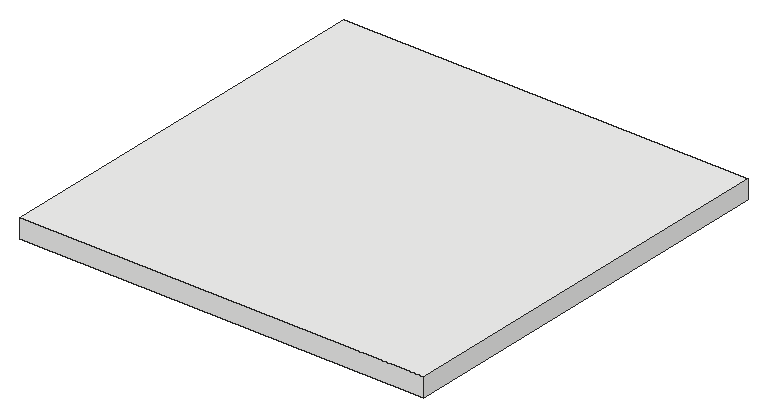
Revit family "p-180_395gb3-c", category 機械設備, Revit 2019
Family settings
  丸型コネクタ寸法 = 直径を使用
  パーツ タイプ = 標準
  OmniClass 番号 = 23.75.35.17.27
  OmniClass タイトル = Centrifugal Fans
  作業面ベース = いいえ
  常に垂直 = はい
  ロード時にボイドで切り取り = いいえ
  共有 = いいえ
  部屋計算ポイント = はい
Parameters (values of type "P-395GB3-C")
  電圧 = 100 V
  質量 = 0.888 kg
  負荷分類 = 3_ファン類
  説明 = "ダクト用換気扇 別売グリル インテリア格子タイプ<クールホワイト>"
  製造元 = "三菱電機株式会社"
  製品質量 = 0.74 kg
  製品出荷対象 = "国内"
  製品リリース年月 = "2020年6月1日"
  積算_科目 = "2 換気設備"
  相 = 1
  消費電力 = 36 W
  極数 = 2
  始動方式 [instance] = "直入"
  分類コード = "50052503100030"
  価格 = 8400
  企業コード = "108420"
  仕様書バージョン = "Version1.0"
  モデル = "P-395GB3-C"
  マテリアル = 合成樹脂(白)
  Type Comments = ""
  Keynote = ""
  Assembly Code = ""
  Width = 475 mm
  URL = "https://www.mitsubishielectric.co.jp/ldg/wink/qr/002/307169/"
  Height = 22 mm
  Depth = 475 mm
  Author = "三菱電機株式会社"
Types (5, lengths in mm): name | 質量 | 製品質量 | 価格 | モデル | Width | URL | Height | Depth
  P-180GB3-C | 0.228 kg | 0.19 kg | 3600 | "P-180GB3-C" | 250 | "https://www.mitsubishielectric.co.jp/ldg/wink/qr/002/306896/" | 15 | 250
  P-215GB3-C | 0.30 kg | 0.25 kg | 4000 | "P-215GB3-C" | 286 | "https://www.mitsubishielectric.co.jp/ldg/wink/qr/002/306774/" | 15 | 286
  P-260GB3-C | 0.42 kg | 0.35 kg | 4900 | "P-260GB3-C" | 335 | "https://www.mitsubishielectric.co.jp/ldg/wink/qr/002/306797/" | 19 | 335
  P-315GB3-C | 0.528 kg | 0.44 kg | 6700 | "P-315GB3-C" | 380 | "https://www.mitsubishielectric.co.jp/ldg/wink/qr/002/307163/" | 20 | 380
  P-395GB3-C | 0.888 kg | 0.74 kg | 8400 | "P-395GB3-C" | 475 | "https://www.mitsubishielectric.co.jp/ldg/wink/qr/002/307169/" | 22 | 475
Reference planes
  plane 1 "中心(正面/背面)": y = 0
  plane 2: z = 0
  plane 3 "中心(左/右)": x = 0
  plane 4: x = -237.5
  plane 5: x = 237.5
  plane 6: y = 237.5
  plane 7: y = -237.5
  plane 8: z = -22
Forms (mm)
  Extrusion 1, solid, material "合成樹脂(白)" <- "マテリアル"
    sketch origin (0, 0, 0) x (1, 0, 0) y (0, 1, 0)
      loop
        line (-237.5, 237.5) -> (-237.5, -237.5) -> (237.5, -237.5) -> (237.5, 237.5) -> (-237.5, 237.5)
    from -22 to 0
Dimensions and locks
  "Width": plane 4 to plane 5
  equal spacing: plane 4, plane 3 "中心(左/右)", plane 5
  "Depth": plane 6 to plane 7
  equal spacing: plane 6, plane 1 "中心(正面/背面)", plane 7
  "Height": plane 2 to plane 8
  aligned and locked: level to plane 2
  aligned and locked: plane 6 to Extrusion 1
  aligned and locked: plane 5 to Extrusion 1
  aligned and locked: Extrusion 1 to plane 7
  aligned and locked: Extrusion 1 to plane 4
  aligned and locked: plane 2 to Extrusion 1
  aligned and locked: Extrusion 1 to plane 8
  aligned and locked: plane 7 to Extrusion 1 sketch curve
  aligned and locked: Extrusion 1 sketch curve to plane 5
Automatic sketch dimensions
  Extrusion 1 sketch curve to plane 4 = 0 mm
  Extrusion 1 sketch curve to plane 6 = 0 mm
